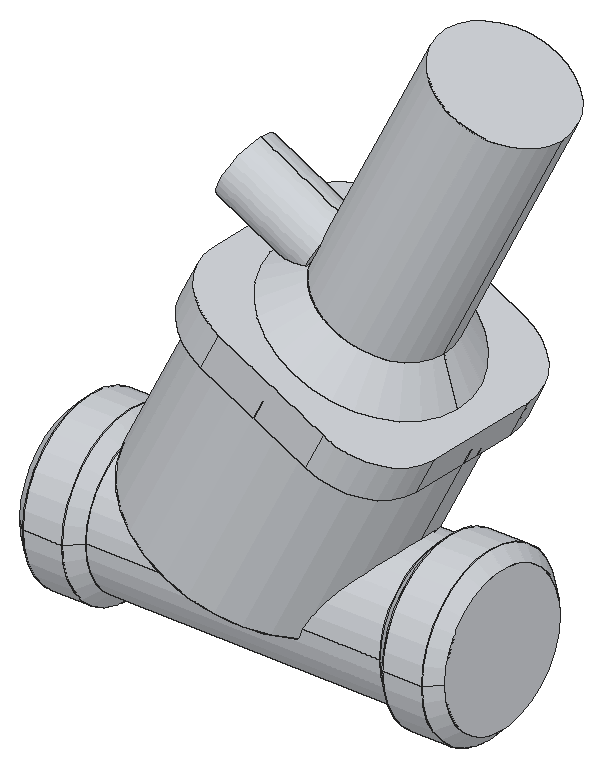
Revit family "PV_Compact_DN015_20-60_MM_RFA_2019", category Pipe Accessories, Revit 2019
Family settings
  Round Connector Dimension = Use Diameter
  Part Type = Valve - Breaks Into
  Work Plane-Based = No
  Always vertical = Yes
  Cut with Voids When Loaded = No
  Shared = No
Parameters (values of type "PV Compact DN15 MM (20-60 kPa)")
  magiProductId = "Frese PV Compact DN15-2"
  magiProductFamilyId = "Frese PV Compact *"
  magiPartTypeId = 304
  isMeasuringValve [instance] = no
  ang2D [instance] = 0.00°
  Z7 = 15 mm
  Z6 = 40 mm
  Z5 = 44 mm
  Z4 = 39 mm
  Z3 = 6 mm
  Z2 = 33 mm
  XR3 = 30 mm
  XR2 = 25 mm
  XR1 = 13 mm
  W2D = 15 mm
  VersionID = "2.0/2018.12.13.2/FRESE_PV_COMPACT_Q13_001"
  Use Minimum Symbol Size [instance] = no
  URL = "www.hydronic.cz"
  Type Comments = "závitový s vnějším závitem; PN25; dpmax=450kPa; -10~+120°C;"
  R6 = 13 mm
  R5 = 5 mm
  R4 = 15 mm
  R3 = 10 mm
  R2 = 11 mm
  R1 = 19 mm
  QmdConnectorList = "301;D;302;D"
  Productdata [instance] = ""
  Manufacturer = "Hydronic Systems Prague s.r.o."
  MC Use Limits From Balancing Method = no
  MC Throttling Minimum Value = 0
  MC Throttling Maximum Value = 0
  MC Product Code = "53-3201 DN15; MM; nastavitelný rozsah dp=20~60kPa; Q=100~1000l/h;  kvs=2,9"
  MC Pressure Drop Minimum Value = 0.0 Pa
  MC Pressure Drop Maximum Value = 0.0 Pa
  MC Piping Given Pressure Drop [instance] = 0.0 Pa
  M5 = 32.5 mm
  M4 = 30.5 mm
  M3 = 24.5 mm
  M2 = 22.5 mm
  LM = 45 mm
  L2D_Min = 30.48 mm
  L2D = 65 mm
  Description = "Nastavitelný regulátor tlakové diference"
  D = 15 mm
  CAT0 = yes
Types (2, lengths in mm): name | magiProductId | MC Product Code
  PV Compact DN15 MM (20-60 kPa) | "Frese PV Compact DN15-2" | "53-3201 DN15; MM; nastavitelný rozsah dp=20~60kPa; Q=100~1000l/h;  kvs=2,9"
  Frese PV Compact DN15 MM (5-30 kPa) | "Frese PV Compact DN15-1" | "53-3200 DN15; MM; nastavitelný rozsah dp=5~30kPa; Q=50~600l/h;  kvs=2,9"
Reference planes
  plane 1 "Center (Front/Back)": y = 0
  plane 2 "XYPLANE": z = 0
  plane 3 "Center (Left/Right)": x = 0
  plane 4 "62": through (318.218, 0, 679.605) normal (0.891, 0, -0.454)
  plane 5 "61": x = 32.5
  plane 6 "60": x = 30.5
  plane 7 "59": x = 24.5
  plane 8 "58": x = 22.5
  plane 9 "57": x = -32.5
  plane 10 "56": x = -30.5
  plane 11 "55": x = -24.5
  plane 12 "54": y = 0
  plane 13 "53": through (-666.893, 0, 343.166) normal (0.454, 0, 0.891)
  plane 14 "52": x = -22.5
  plane 15 "51": through (335.147, 0, 670.979) normal (0.891, 0, -0.454)
  plane 16 "50": through (-653.273, 0, 369.896) normal (0.454, 0, 0.891)
  plane 17 "49": through (352.076, 0, 662.353) normal (0.891, 0, -0.454)
  plane 18 "48": y = 19
  plane 19 "47": y = -19
  plane 20 "46": through (-650.549, 0, 375.242) normal (0.454, 0, 0.891)
  plane 21 "45": through (-648.279, 0, 379.697) normal (0.454, 0, 0.891)
  plane 22 "44": through (313.763, 0, 681.875) normal (0.891, 0, -0.454)
  plane 23 "42": through (-668.255, 0, 340.493) normal (0.454, 0, 0.891)
  plane 24 "15XY": through (-668.255, 0, 340.493) normal (0.454, 0, 0.891)
  plane 25 "15XZ": y = 0
  plane 26 "15YZ": through (340.493, 0, 668.255) normal (0.891, 0, -0.454)
Forms (mm)
  Blend 1, solid, visible <- "CAT0"
    base sketch origin (30.5, -750, 0) x (0, 1, 0) y (0, 0, 1)
      loop
        circle (750, 0) r 13
    top sketch origin (30.5, -750, 0) x (0, 1, 0) y (0, 0, 1)
      loop
        circle (750, 0) r 11
    from 0 to 2
  Extrusion 2, solid, visible <- "CAT0"
    sketch origin (24.5, -750, 0) x (0, 1, 0) y (0, 0, 1)
      loop
        circle (750, 0) r 13
    from 0 to 6
  Blend 3, solid, visible <- "CAT0"
    base sketch origin (22.5, -750, 0) x (0, 1, 0) y (0, 0, 1)
      loop
        circle (750, 0) r 11
    top sketch origin (22.5, -750, 0) x (0, 1, 0) y (0, 0, 1)
      loop
        circle (750, 0) r 13
    from 0 to 2
  Blend 4, solid, visible <- "CAT0"
    base sketch origin (-30.5, -750, 0) x (0, 1, 0) y (0, 0, 1)
      loop
        circle (750, 0) r 13
    top sketch origin (-30.5, -750, 0) x (0, 1, 0) y (0, 0, 1)
      loop
        circle (750, 0) r 11
    from 0 to -2
  Extrusion 5, solid, visible <- "CAT0"
    sketch origin (-30.5, -750, 0) x (0, 1, 0) y (0, 0, 1)
      loop
        circle (750, 0) r 13
    from 0 to 6
  Blend 6, solid, visible <- "CAT0"
    base sketch origin (-24.5, -750, 0) x (0, 1, 0) y (0, 0, 1)
      loop
        circle (750, 0) r 13
    top sketch origin (-24.5, -750, 0) x (0, 1, 0) y (0, 0, 1)
      loop
        circle (750, 0) r 11
    from 0 to 2
  Extrusion 7, solid, visible <- "CAT0"
    sketch origin (-22.5, -750, 0) x (0, 1, 0) y (0, 0, 1)
      loop
        circle (750, 0) r 11
    from 0 to 45 <- "LM"
  Extrusion 8, solid, visible <- "CAT0"
    sketch origin (-666.893, 0, 343.166) x (0.891007, 0, -0.45399) y (0, 1, 0)
      loop
        circle (744, 0) r 19
    from 0 to 33 <- "Z2"
  Extrusion 9, solid, visible <- "CAT0"
    sketch origin (-653.273, 0, 369.896) x (0.891007, 0, -0.45399) y (0, 1, 0)
      loop
        arc (735, 19) -> (727.929, 16.071) -> (725, 9) r 10
        line (725, 9) -> (725, -9)
        arc (725, -9) -> (727.929, -16.071) -> (735, -19) r 10
        line (735, -19) -> (753, -19)
        arc (753, -19) -> (760.071, -16.071) -> (763, -9) r 10
        line (763, -9) -> (763, 9)
        arc (763, 9) -> (760.071, 16.071) -> (753, 19) r 10
        line (753, 19) -> (735, 19)
    from 0 to 6 <- "Z3"
  Blend 10, solid, visible <- "CAT0"
    base sketch origin (-650.549, 0, 375.242) x (0.891007, 0, -0.45399) y (0, 1, 0)
      loop
        circle (744, 0) r 15
    top sketch origin (-650.549, 0, 375.242) x (0.891007, 0, -0.45399) y (0, 1, 0)
      loop
        circle (744, 0) r 10
    from 0 to 5
  Extrusion 11, solid, visible <- "CAT0"
    sketch origin (-648.279, 0, 379.697) x (0.891007, 0, -0.45399) y (0, 1, 0)
      loop
        circle (744, 0) r 10
    from 0 to 40 <- "Z6"
  Extrusion 12, solid, visible <- "CAT0"
    sketch origin (313.763, 0, 681.875) x (-0.45399, 0, -0.891007) y (0, 1, 0)
      loop
        circle (706, 0) r 5
    from 0 to 15 <- "Z7"
  Blend 13, solid, visible <- "CAT0"
    base sketch origin (-668.255, 0, 340.493) x (0.891007, 0, -0.45399) y (0, 1, 0)
      loop
        circle (744, 0) r 15
    top sketch origin (-668.255, 0, 340.493) x (0.891007, 0, -0.45399) y (0, 1, 0)
      loop
        circle (744, 0) r 19
    from 0 to 3
  Extrusion 14, solid, not visible
    sketch origin (-32.5, -750, 0) x (0, 1, 0) y (0, 0, 1)
      loop
        circle (750, 0) r 10
    from 0 to 10
  Extrusion 15, solid, not visible
    sketch origin (32.5, -750, 0) x (0, 1, 0) y (0, 0, 1)
      loop
        circle (750, 0) r 10
    from 0 to -10
Lines and regions (mm)
  reference lines, not visible
    curve 1: circle (2, 2, 0) r 1 normal (0, 0, 1)
Dimensions and locks
  plane 1 "Center (Front/Back)" to curve 1 = 2 mm
  "XR2": plane 26 "15YZ" to plane 4 "62"
  "M5": plane 3 "Center (Left/Right)" to plane 5 "61"
  "M4": plane 3 "Center (Left/Right)" to plane 6 "60"
  "M3": plane 3 "Center (Left/Right)" to plane 7 "59"
  "M2": plane 3 "Center (Left/Right)" to plane 8 "58"
  "M5": plane 3 "Center (Left/Right)" to plane 9 "57"
  "M4": plane 3 "Center (Left/Right)" to plane 10 "56"
  "M3": plane 3 "Center (Left/Right)" to plane 11 "55"
  locked: plane 25 "15XZ" to plane 12 "54"
  locked: plane 24 "15XY" to plane 13 "53" at 3
  "M2": plane 3 "Center (Left/Right)" to plane 14 "52"
  locked: plane 26 "15YZ" to plane 15 "51" at 6
  "Z2": plane 24 "15XY" to plane 16 "50"
  "XR1": plane 26 "15YZ" to plane 17 "49"
  "R1": plane 25 "15XZ" to plane 18 "48"
  "R1": plane 25 "15XZ" to plane 19 "47"
  "Z4": plane 24 "15XY" to plane 20 "46"
  "Z5": plane 24 "15XY" to plane 21 "45"
  "XR3": plane 26 "15YZ" to plane 22 "44"
  locked: plane 24 "15XY" to plane 23 "42"
  Extrusion 9 sketch curve to Extrusion 9 sketch curve = 0 mm  (x16)
  "R2": radius of Blend 1 sketch curve
  "R6": radius of Blend 1 sketch curve
  "R6": radius of Extrusion 2 sketch curve
  "R6": radius of Blend 3 sketch curve
  "R2": radius of Blend 3 sketch curve
  "R2": radius of Blend 4 sketch curve
  "R6": radius of Blend 4 sketch curve
  "R6": radius of Extrusion 5 sketch curve
  "R2": radius of Blend 6 sketch curve
  "R6": radius of Blend 6 sketch curve
  "R2": radius of Extrusion 7 sketch curve
  "R1": radius of Extrusion 8 sketch curve
  radius of Extrusion 9 sketch curve = 10 mm  (x4)
  "R3": radius of Blend 10 sketch curve
  "R4": radius of Blend 10 sketch curve
  "R3": radius of Extrusion 11 sketch curve
  "R5": radius of Extrusion 12 sketch curve
  "R1": radius of Blend 13 sketch curve
  aligned and locked: level to plane 2 "XYPLANE"
  aligned and locked: plane 5 "61" to Blend 1
  aligned and locked: plane 7 "59" to Blend 3
  aligned and locked: Blend 4 to plane 9 "57"
  aligned and locked: plane 14 "52" to Blend 6
  aligned and locked: plane 12 "54" to Extrusion 8 sketch curve
  aligned and locked: Extrusion 8 sketch curve to plane 15 "51"
  aligned and locked: Extrusion 9 sketch curve to plane 4 "62"
  aligned and locked: Extrusion 9 sketch curve to plane 19 "47"
  aligned and locked: Extrusion 9 sketch curve to plane 17 "49"
  aligned and locked: plane 18 "48" to Extrusion 9 sketch curve
  aligned and locked: plane 12 "54" to Blend 10 sketch curve  (x2)
  aligned and locked: Blend 10 sketch curve to plane 15 "51"  (x2)
  aligned and locked: plane 21 "45" to Blend 10
  aligned and locked: plane 12 "54" to Extrusion 11 sketch curve
  aligned and locked: Extrusion 11 sketch curve to plane 15 "51"
  aligned and locked: plane 12 "54" to Extrusion 12 sketch curve
  aligned and locked: plane 21 "45" to Extrusion 12 sketch curve
  aligned and locked: plane 12 "54" to Blend 13 sketch curve  (x2)
  aligned and locked: Blend 13 sketch curve to plane 15 "51"  (x2)
  aligned and locked: plane 13 "53" to Blend 13
Automatic sketch dimensions
  plane 4 "62" to Blend 13 sketch curve = 4 mm
  Extrusion 14 sketch curve to Extrusion 14 sketch curve = 0 mm  (x2)
  Extrusion 14 sketch curve to level = 0 mm
  Extrusion 14 sketch curve to plane 1 "Center (Front/Back)" = 0 mm
  plane 19 "47" to Extrusion 14 sketch curve = 9 mm
  Extrusion 15 sketch curve to Extrusion 15 sketch curve = 0 mm  (x2)
  Extrusion 15 sketch curve to level = 0 mm
  Extrusion 15 sketch curve to plane 1 "Center (Front/Back)" = 0 mm
  plane 19 "47" to Extrusion 15 sketch curve = 9 mm
  plane 3 "Center (Left/Right)" to curve 1 = 2 mm
  Blend 1 sketch curve to level = 0 mm  (x2)
  Blend 1 sketch curve to plane 1 "Center (Front/Back)" = 0 mm  (x2)
  Extrusion 2 sketch curve to level = 0 mm
  Extrusion 2 sketch curve to plane 1 "Center (Front/Back)" = 0 mm
  Blend 3 sketch curve to level = 0 mm  (x2)
  Blend 3 sketch curve to plane 1 "Center (Front/Back)" = 0 mm  (x2)
  Blend 4 sketch curve to level = 0 mm  (x2)
  Blend 4 sketch curve to plane 1 "Center (Front/Back)" = 0 mm  (x2)
  Extrusion 5 sketch curve to level = 0 mm
  Extrusion 5 sketch curve to plane 1 "Center (Front/Back)" = 0 mm
  Blend 6 sketch curve to level = 0 mm  (x2)
  Blend 6 sketch curve to plane 1 "Center (Front/Back)" = 0 mm  (x2)
  Extrusion 7 sketch curve to level = 0 mm
  Extrusion 7 sketch curve to plane 1 "Center (Front/Back)" = 0 mm
  radius of curve 1 = 1 mm
Connectors
  piping at (-32.5, 0, 0), diameter 15, driven by "D"
    settings: on Extrusion 14, index 1, connector inside diameter 609.6 mm, connector length 0 mm, flow factor 0, pipe flow 0.0 L/s, pressure drop 0.0 Pa, fitting loss kfactor 0, connector angle 0.00°, fixture units 0, engagement length 0 mm, angle of deflection 0.00°, flow configuration 0, flow direction 0, fitting loss method 0, system type 29, joint type 0, gender type 0, connector reference index 2, connector utility 0, adjustable connector no, is connector primary yes, connector description ""
  piping at (32.5, 0, 0), diameter 15, driven by "D"
    settings: on Extrusion 15, index 2, connector inside diameter 609.6 mm, connector length 0 mm, flow factor 0, pipe flow 0.0 L/s, pressure drop 0.0 Pa, fitting loss kfactor 0, connector angle 0.00°, fixture units 0, engagement length 0 mm, angle of deflection 0.00°, flow configuration 0, flow direction 0, fitting loss method 0, system type 29, joint type 0, gender type 0, connector reference index 1, connector utility 0, adjustable connector no, is connector primary no, connector description ""
